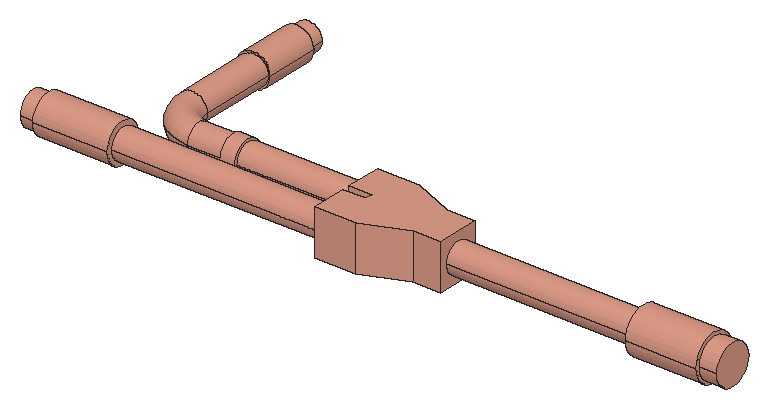
Revit family "outputfile", category 配管付属品, Revit 2024
Family settings
  丸型コネクタ寸法 = 半径を使用
  パーツ タイプ = 標準
  OmniClass 番号 = 23.65.55.00
  OmniClass タイトル = Distribution of Supplied Liquids/Gases
  作業面ベース = いいえ
  常に垂直 = はい
  ロード時にボイドで切り取り = いいえ
  共有 = いいえ
Parameters (values of type "BHFP26R168_(1)")
  Description = ""
  製造元 = "Daikin"
  書き出し IFC クラス(タイプ) = "IfcPipeFittingType"
  Default Elevation = 0.0 mm
  定義済み IFC タイプ(タイプ) = "JUNCTION"
  Cost = 0
  モデル = "BHFP26R168_(1)"
  Type Comments = ""
  Keynote = ""
  Type Image = (empty or 0)
  Assembly Code = ""
  table_PipeToCU_B [instance] = if(mm⇔inch, "Multi Module Kit_BHFP26R-_Liquid_PipeToCU_B", "Multi Module Kit_BHFP26R-_Liquid_PipeToCU_B_inch")  # "Multi Module Kit_BHFP26R-_Liquid_PipeToCU_B"
  table_PipeToCU_A [instance] = if(mm⇔inch, "Multi Module Kit_BHFP26R-_Liquid_PipeToCU_A", "Multi Module Kit_BHFP26R-_Liquid_PipeToCU_A_inch")  # "Multi Module Kit_BHFP26R-_Liquid_PipeToCU_A"
  table_ToMainPipe [instance] = if(mm⇔inch, "Multi Module Kit_BHFP26R-_Liquid_ToMainPipe", "Multi Module Kit_BHFP26R-_Liquid_ToMainPipe_inch")  # "Multi Module Kit_BHFP26R-_Liquid_ToMainPipe"
  switch_ToMainPipe3 [instance] = if(number_ToMainPipe < 3, 1 = 0, 1 = 1)  # no
  switch_PipeToCU_B Reducer [instance] = if(and(Is_PipeToCU_B Reducer = 1, judge_IsOffsetPipe_ToOutdoorUnitB = 0), 1 = 1, 1 = 0)  # no
  switch_PipeToCU_B4 [instance] = if(number_PipeToCU_B < 4, 1 = 0, 1 = 1)  # no
  switch_PipeToCU_B3 [instance] = if(number_PipeToCU_B < 3, 1 = 0, 1 = 1)  # no
  switch_PipeToCU_B2 [instance] = if(number_PipeToCU_B < 2, 1 = 0, 1 = 1)  # yes
  switch_PipeToCU_A Reducer [instance] = if(Is_PipeToCU_A Reducer = 1, 1 = 1, 1 = 0)  # yes
  switch_ToMainPipe Reducer [instance] = if(Is_ToMainPipe Reducer = 1, 1 = 1, 1 = 0)  # no
  switch_ToMainPipe2 [instance] = if(number_ToMainPipe < 2, 1 = 0, 1 = 1)  # yes
  r_PipeToCU_B_ActualDiameter [instance] = PipeToCU_B_Liquid_ActualDiameter / 2  # 7.95 mm
  r_PipeToCU_A_ActualDiameter [instance] = PipeToCU_A_Liquid_ActualDiameter / 2  # 6.35 mm
  r_ToMainPipe_ActualDiameter [instance] = ToMainPipe_Liquid_ActualDiameter / 2  # 9.55 mm
  number_PipeToCU_B ReducerPipe [instance] = size_lookup(table_PipeToCU_B, "reducerPipeNumber", 0, モデル, judge_IsOffsetPipe_ToOutdoorUnitB, PipeToCU_B_Liquid_ActualDiameter)  # 0
  number_PipeToCU_B [instance] = size_lookup(table_PipeToCU_B, "pipeNumber", 2, モデル, judge_IsOffsetPipe_ToOutdoorUnitB, PipeToCU_B_Liquid_ActualDiameter)  # 2
  number_PipeToCU_A ReducerPipe [instance] = size_lookup(table_PipeToCU_A, "reducerPipeNumber", 2, モデル, PipeToCU_A_Liquid_ActualDiameter)  # 2
  number_ToMainPipe [instance] = size_lookup(table_ToMainPipe, "pipeNumber", 3, モデル, ToMainPipe_Liquid_ActualDiameter)  # 2
  mm⇔inch [instance] = yes
  l_ToMainPipe3 [instance] = size_lookup(table_ToMainPipe, "L_Pipe3", 8.0 mm, モデル)  # 2.0 mm
  judge_IsOffsetPipe_ToOutdoorUnitB [instance] = 0  # constant formula
  Unit Type = "BHFP26R-_Liquid"
  Uniclass2015Version = "Products v1.31"
  Uniclass2015Title = "Copper pipe fittings"
  Uniclass2015Code = "Pr_65_52_63_18"
  URL = ""
  ToMainPipe_Liquid_Status [instance] = size_lookup(table_ToMainPipe, "Information", "The connected pipe size is not available.", モデル, ToMainPipe_Liquid_ActualDiameter)  # "Default connector size is used."
  ToMainPipe_Liquid_ActualDiameter [instance] = 19.1 mm
  Tag No. [instance] = ""
  Series = "Multi Module kit"
  PipeToCU_B_Liquid_Status [instance] = size_lookup(table_PipeToCU_B, "Information", "The connected pipe size is not available.", モデル, judge_IsOffsetPipe_ToOutdoorUnitB, PipeToCU_B_Liquid_ActualDiameter)  # "Default connector size is used."
  PipeToCU_B_Liquid_ActualDiameter [instance] = 15.9 mm
  PipeToCU_A_Liquid_Status [instance] = size_lookup(table_PipeToCU_A, "Information", "The connected pipe size is not available.", モデル, PipeToCU_A_Liquid_ActualDiameter)  # "Reducer is used at connector."
  PipeToCU_A_Liquid_ActualDiameter [instance] = 12.7 mm
  Material_Piping = DAIKIN_Copper_Pipe
  Material_Insulation = DAIKIN_White_Insulation
  location_PipeToCU_A connector [instance] = size_lookup(table_PipeToCU_A, "Locationconnector", 107.0 mm, モデル, PipeToCU_A_Liquid_ActualDiameter)  # 107.0 mm
  l_PipeToCU_B connector [instance] = size_lookup(table_PipeToCU_B, "Length", 161.0 mm, モデル, judge_IsOffsetPipe_ToOutdoorUnitB, PipeToCU_B_Liquid_ActualDiameter)  # 159.0 mm
  l_PipeToCU_B Reducer [instance] = 100.0 mm  # constant formula
  l_PipeToCU_B4 [instance] = size_lookup(table_PipeToCU_B, "L_Pipe4", 2.0 mm, モデル)  # 2.0 mm
  l_PipeToCU_B3 [instance] = size_lookup(table_PipeToCU_B, "L_Pipe3", 2.0 mm, モデル)  # 2.0 mm
  l_PipeToCU_B2 [instance] = size_lookup(table_PipeToCU_B, "L_Pipe2", 8.0 mm, モデル)  # 8.0 mm
  l_PipeToCU_B1 [instance] = size_lookup(table_PipeToCU_B, "L_Pipe1", 38.5 mm, モデル)  # 40.0 mm
  l_PipeToCU_B0 [instance] = size_lookup(table_PipeToCU_B, "L_Pipe0", 114.5 mm, モデル)  # 111.0 mm
  l_PipeToCU_A connector [instance] = size_lookup(table_PipeToCU_A, "Length", 97.0 mm, モデル, PipeToCU_A_Liquid_ActualDiameter)  # 97.0 mm
  l_PipeToCU_A1 [instance] = size_lookup(table_PipeToCU_A, "L_Pipe1", 8.0 mm, モデル)  # 8.0 mm
  l_PipeToCU_A0 [instance] = size_lookup(table_PipeToCU_A, "L_Pipe0", 62.0 mm, モデル)  # 62.0 mm
  l_ToMainPipe connector [instance] = size_lookup(table_ToMainPipe, "Length", 163.0 mm, モデル, ToMainPipe_Liquid_ActualDiameter)  # 148.0 mm
  l_ToMainPipe Reducer [instance] = size_lookup(table_ToMainPipe, "L_Reducer", 2.0 mm, モデル, ToMainPipe_Liquid_ActualDiameter)  # 2.0 mm
  l_ToMainPipe2 [instance] = size_lookup(table_ToMainPipe, "L_Pipe2", 38.0 mm, モデル)  # 10.0 mm
  l_ToMainPipe1 [instance] = size_lookup(table_ToMainPipe, "L_Pipe1", 38.0 mm, モデル)  # 38.0 mm
  l_ToMainPipe0 [instance] = size_lookup(table_ToMainPipe, "L_Pipe0", 79.0 mm, モデル)  # 100.0 mm
  judge_JointType(1or2) = 1
  count_PipeToCU_B Reducer [instance] = 0  # constant formula
  count_PipeToCU_A Reducer [instance] = size_lookup(table_PipeToCU_A, "reducerCount", 1, モデル, PipeToCU_A_Liquid_ActualDiameter)  # 1
  angle_PipeToCU_A Pipe [instance] = if(RotateBranchPipetoCU_A_90°, 90.00°, 0.00°)  # 0.00°
  angle_PipeToCU_A Connector [instance] = angle_PipeToCU_A Pipe + 90.00°  # 90.00°
  PipeToCU_B_Liquid_AvailableDiameter [instance] = size_lookup(table_PipeToCU_B, "sizeVariation", "", モデル, judge_IsOffsetPipe_ToOutdoorUnitB)  # "15.9/19.1mm"
  PipeToCU_A_Liquid_AvailableDiameter [instance] = size_lookup(table_PipeToCU_A, "sizeVariation", "", モデル)  # "12.7/15.9mm"
  ToMainPipe_Liquid_AvailableDiameter [instance] = size_lookup(table_ToMainPipe, "sizeVariation", "", モデル)  # "19.1/22.2mm"
  RotateBranchPipetoCU_A_90° [instance] = no
  O.D_ToMainPipe Reducer [instance] = size_lookup(table_ToMainPipe, "O.D_reducer", 2.0 mm, モデル, ToMainPipe_Liquid_ActualDiameter)  # 2.0 mm
  Link_Nested Family [instance] = ""
  Is_PipeToCU_B Reducer [instance] = size_lookup(table_PipeToCU_B, "IsReducer", 0, モデル, judge_IsOffsetPipe_ToOutdoorUnitB, PipeToCU_B_Liquid_ActualDiameter)  # 0
  Is_PipeToCU_A Reducer [instance] = size_lookup(table_PipeToCU_A, "IsReducer", 1, モデル, PipeToCU_A_Liquid_ActualDiameter)  # 1
  Is_ToMainPipe Reducer [instance] = size_lookup(table_ToMainPipe, "IsReducer", 0, モデル, ToMainPipe_Liquid_ActualDiameter)  # 0
  IfcVersion = ""
  IfcExportType = "JUNCTION"
  IfcExportAs = "IfcPipeFittingType"
  I.D_ToMainPipe3 [instance] = size_lookup(table_ToMainPipe, "I.D_PipeSize3", 15.9 mm, モデル)  # 2.0 mm
  Attach_Insulation [instance] = no
  I.D_PipeToCU_B4 [instance] = size_lookup(table_PipeToCU_B, "I.D_PipeSize4", 2.0 mm, モデル)  # 2.0 mm
  I.D_PipeToCU_B3 [instance] = size_lookup(table_PipeToCU_B, "I.D_PipeSize3", 2.0 mm, モデル)  # 2.0 mm
  I.D_PipeToCU_B2 [instance] = size_lookup(table_PipeToCU_B, "I.D_PipeSize2", 12.7 mm, モデル)  # 15.9 mm
  I.D_PipeToCU_B1 [instance] = size_lookup(table_PipeToCU_B, "I.D_PipeSize1", 15.9 mm, モデル)  # 19.1 mm
  I.D_PipeToCU_B0 [instance] = size_lookup(table_PipeToCU_B, "I.D_PipeSize0", 13.9 mm, モデル)  # 13.9 mm
  I.D_PipeToCU_A1 [instance] = 15.5 mm  # constant formula
  I.D_PipeToCU_A0 [instance] = 13.9 mm  # constant formula
  I.D_ToMainPipe Reducer [instance] = size_lookup(table_ToMainPipe, "I.D_reducer", 2.0 mm, モデル, ToMainPipe_Liquid_ActualDiameter)  # 2.0 mm
  I.D_ToMainPipe2 [instance] = size_lookup(table_ToMainPipe, "I.D_PipeSize2", 19.1 mm, モデル)  # 19.1 mm
  I.D_ToMainPipe1 [instance] = size_lookup(table_ToMainPipe, "I.D_PipeSize1", 22.2 mm, モデル)  # 22.2 mm
  I.D_ToMainPipe0 [instance] = size_lookup(table_ToMainPipe, "I.D_PipeSize0", 13.9 mm, モデル)  # 13.9 mm
Reference planes
  plane 1 "Center (Front/Back)": y = 0
  plane 2: z = 0
  plane 3 "pipe2": x = 225.65
  plane 4: x = 215.65
  plane 5: x = 177.65
  plane 6: x = 77.65
  plane 7: x = 17.65
  plane 8: x = -52.35
  plane 9: x = -93.35
  plane 10: x = -133.35
  plane 11: x = -141.35
  plane 12: x = -143.35
  plane 13: x = -145.35
  plane 14 "offset_center": y = 11.5
  plane 15: y = -11.5
  plane 16: x = -44.35
  plane 17: x = 127.65
  plane 18 "ToMainPipe_connector": x = 225.65
  plane 19 "connector_OutdoorunitA": x = -89.35
  plane 20 "connector_ToOutdoorUnitB": x = -104.35
  plane 21 "pipe3": x = 227.65
Forms (mm)
  Extrusion 1, solid, material "DAIKIN_Copper_Pipe" <- "Material_Piping"
    sketch origin (0, 0, 0) x (1, 0, 0) y (0, 1, 0)
      loop
        line (17.65, 1.998) -> (29.65, 1.998) -> (29.65, -1.998) -> (17.65, -1.998) -> (17.65, -21.2) -> (39.801, -21.2) -> (62.65, -11.3) -> (77.65, -11.3) -> (77.65, 11.3) -> (62.65, 11.3) -> (39.801, 21.2) -> (17.65, 21.2) -> (17.65, 1.998)
    from -12.2 to 12.2
Dimensions and locks
  locked: plane 6 to plane 17 at 50
  "l_PipeToCU_A1": plane 8 to plane 16
  "l_PipeToCU_B1": plane 10 to plane 9
  "l_PipeToCU_B2": plane 11 to plane 10
  "l_PipeToCU_B3": plane 12 to plane 11
  "l_PipeToCU_B4": plane 13 to plane 12
  locked: plane 7 to plane 6 at 60
  "l_ToMainPipe1": plane 5 to plane 4
  "l_ToMainPipe2": plane 4 to plane 3 "pipe2"
  "l_ToMainPipe0": plane 6 to plane 5
  "l_ToMainPipe connector": plane 6 to plane 18 "ToMainPipe_connector"
  plane 14 "offset_center" to plane 1 "Center (Front/Back)" to plane 15 = 11.5 mm locked, 11.5 mm locked
  locked: plane 1 "Center (Front/Back)" to Extrusion 1 sketch curve at 11.3  (x2)
  locked: Extrusion 1 sketch curve to plane 1 "Center (Front/Back)" at 21.2
  locked: plane 1 "Center (Front/Back)" to Extrusion 1 sketch curve at 21.2
  "l_PipeToCU_A0": plane 16 to plane 7
  "location_PipeToCU_A connector": plane 19 "connector_OutdoorunitA" to plane 7
  "l_PipeToCU_B0": plane 9 to plane 7
  "l_ToMainPipe3": plane 3 "pipe2" to plane 21 "pipe3"
  aligned and locked: level to plane 2
  aligned and locked: plane 2 to nested 1
  aligned and locked: plane 1 "Center (Front/Back)" to nested 1
  aligned and locked: plane 3 "pipe2" to nested 1
  aligned and locked: plane 4 to nested 1
  aligned and locked: plane 4 to nested 2
  aligned and locked: plane 5 to nested 2
  aligned and locked: plane 5 to nested 3
  aligned and locked: plane 6 to nested 3
  aligned and locked: plane 6 to Extrusion 1
  aligned and locked: Extrusion 1 to plane 7  (x2)
  aligned and locked: plane 7 to nested 4
  aligned and locked: plane 8 to nested 5
  aligned and locked: plane 16 to nested 5
  aligned and locked: nested 5 to plane 14 "offset_center"
  aligned and locked: nested 6 to plane 15
  aligned and locked: plane 7 to nested 6
  aligned and locked: plane 9 to nested 6
  aligned and locked: plane 10 to nested 7
  aligned and locked: plane 9 to nested 7
  aligned and locked: plane 11 to nested 8
  aligned and locked: plane 10 to nested 8
  aligned and locked: plane 12 to nested 9
  aligned and locked: plane 11 to nested 9
  aligned and locked: plane 13 to nested 10
  aligned and locked: plane 12 to nested 10
  aligned and locked: nested 10 to plane 15
  aligned and locked: nested 9 to plane 15
  aligned and locked: nested 8 to plane 15
  aligned and locked: nested 7 to plane 15
  aligned and locked: plane 1 "Center (Front/Back)" to nested 11
  aligned and locked: plane 17 to nested 11
  aligned and locked: plane 16 to nested 4
  aligned and locked: nested 12 to plane 14 "offset_center"
  aligned and locked: plane 8 to nested 12
  aligned and locked: plane 1 "Center (Front/Back)" to nested 13
  aligned and locked: plane 18 "ToMainPipe_connector" to nested 13
  aligned and locked: plane 6 to nested 14
  aligned and locked: plane 1 "Center (Front/Back)" to nested 3
  aligned and locked: plane 14 "offset_center" to nested 15
  aligned and locked: nested 15 to plane 19 "connector_OutdoorunitA"
  aligned and locked: nested 16 to plane 7
  aligned and locked: nested 4 to plane 14 "offset_center"
  aligned and locked: plane 3 "pipe2" to nested 17
  aligned and locked: plane 21 "pipe3" to nested 17
  aligned and locked: nested 16 to plane 15
Automatic sketch dimensions
  Extrusion 1 sketch curve to plane 7 = 0.0 mm  (x2)
  Extrusion 1 sketch curve to plane 6 = 0.0 mm
  Extrusion 1 sketch curve to plane 1 "Center (Front/Back)" = 1.998 mm
  plane 7 to Extrusion 1 sketch curve = 12.0 mm
  Extrusion 1 sketch curve to Extrusion 1 sketch curve = 10.151 mm  (x2)
  Extrusion 1 sketch curve to Extrusion 1 sketch curve = 15.0 mm  (x2)
  plane 1 "Center (Front/Back)" to Extrusion 1 sketch curve = 1.998 mm
Nested families
  nested 1: "daikin_Pipe" at (220.65, 0, 0), I.D_Pipe <- "I.D_ToMainPipe2", display <- "switch_ToMainPipe2", type "*"
    with length_Pipe 10.0 mm, display yes, O.D_Pipe 21.1 mm, I.D_Pipe 19.1 mm
  nested 2: "daikin_Pipe" at (196.65, 0, 0), I.D_Pipe <- "I.D_ToMainPipe1", type "*"
    with length_Pipe 38.0 mm, display yes, O.D_Pipe 24.2 mm, I.D_Pipe 22.2 mm
  nested 3: "daikin_Pipe" at (127.65, 0, 0), I.D_Pipe <- "I.D_ToMainPipe0", type "*"
    with length_Pipe 100.0 mm, display yes, O.D_Pipe 15.9 mm, I.D_Pipe 13.9 mm
  nested 4: "daikin_Pipe" at (-13.35, 11.5, 0), I.D_Pipe <- "I.D_PipeToCU_A0", type "*"
    with length_Pipe 62.0 mm, display yes, O.D_Pipe 15.9 mm, I.D_Pipe 13.9 mm
  nested 5: "daikin_Pipe" at (-48.35, 11.5, 0), I.D_Pipe <- "I.D_PipeToCU_A1", type "*"
    with length_Pipe 8.0 mm, display yes, O.D_Pipe 17.5 mm, I.D_Pipe 15.5 mm
  nested 6: "daikin_Pipe" at (-37.85, -11.5, 0), I.D_Pipe <- "I.D_PipeToCU_B0", type "*"
    with length_Pipe 111.0 mm, display yes, O.D_Pipe 15.9 mm, I.D_Pipe 13.9 mm
  nested 7: "daikin_Pipe" at (-113.35, -11.5, 0), I.D_Pipe <- "I.D_PipeToCU_B1", type "*"
    with length_Pipe 40.0 mm, display yes, O.D_Pipe 21.1 mm, I.D_Pipe 19.1 mm
  nested 8: "daikin_Pipe" at (-137.35, -11.5, 0), I.D_Pipe <- "I.D_PipeToCU_B2", display <- "switch_PipeToCU_B2", type "*"
    with length_Pipe 8.0 mm, display yes, O.D_Pipe 17.9 mm, I.D_Pipe 15.9 mm
  nested 9: "daikin_Pipe" at (-142.35, -11.5, 0), display <- "switch_PipeToCU_B3", I.D_Pipe <- "I.D_PipeToCU_B3", visible <- "switch_PipeToCU_B3", type "*"
    with length_Pipe 2.0 mm, display no, O.D_Pipe 4.0 mm, I.D_Pipe 2.0 mm
  nested 10: "daikin_Pipe" at (-144.35, -11.5, 0), display <- "switch_PipeToCU_B4", I.D_Pipe <- "I.D_PipeToCU_B4", visible <- "switch_PipeToCU_B4", type "*"
    with length_Pipe 2.0 mm, display no, O.D_Pipe 4.0 mm, I.D_Pipe 2.0 mm
  nested 11: "daikin_MultiModeluKit_Insulation" at (127.65, 0, 0), display <- "Attach_Insulation", type "*"
    with h 54.2 mm, display no, I.D_Outlet PipeSize 22.2 mm
  nested 12: "daikin_Multi Module kit_Reducer90_rotate" at (-52.35, 11.5, 0), number_reducerPipe <- "number_PipeToCU_A ReducerPipe", angle_Pipe <- "angle_PipeToCU_A Pipe", type "*"
    with number_reducerPipe 2, display_Pipe2 yes, display_Pipe1 yes, angle_Pipe 0.00°
  nested 13: "daikin_Pipe_reducer" at (224.65, 0, 0), I.D_Pipe1 <- "I.D_ToMainPipe Reducer", O.D_Pipe2 <- "O.D_ToMainPipe Reducer", length_Pipe <- "l_ToMainPipe Reducer", display <- "switch_ToMainPipe Reducer", type "*"
    with length_Pipe 2.0 mm, display no, O.D_Pipe2 2.0 mm, O.D_Pipe1 4.0 mm, I.D_Pipe2 0.0 mm, I.D_Pipe1 2.0 mm
  nested 14: "daikin_connector_rotate3" at (77.65, 0, 0) x (0, 1, 0) z (0, 0, 1), length <- "l_ToMainPipe connector", type "daikin_connector_rotate3"
    with radius 10.0 mm, length 148.0 mm, angle_vertical 90.00°, angle_horizontal 0.00°
  nested 15: "daikin_connector_rotate3" at (-89.35, 11.5, 0) x (-1, 0, 0) z (0, 0, 1), length <- "l_PipeToCU_A connector", angle_vertical <- "angle_PipeToCU_A Connector", type "daikin_connector_rotate3"
    with radius 10.0 mm, length 97.0 mm, angle_vertical 90.00°, angle_horizontal 0.00°
  nested 16: "daikin_connector_rotate3" at (17.65, -11.5, 0) x (0, -1, 0) z (0, 0, 1), length <- "l_PipeToCU_B connector", type "daikin_connector_rotate3"
    with radius 10.0 mm, length 159.0 mm, angle_vertical 90.00°, angle_horizontal 0.00°
  nested 17: "daikin_Pipe" at (226.65, 0, 0), display <- "switch_ToMainPipe3", I.D_Pipe <- "I.D_ToMainPipe3", type "*"
    with length_Pipe 2.0 mm, display no, O.D_Pipe 4.0 mm, I.D_Pipe 2.0 mm
Connectors
  piping at (225.65, 0, 0), diameter 19.1, driven by "r_ToMainPipe_ActualDiameter"
    settings: on nested 14, index 1, connector inside diameter 609.6 mm, connector length 0.0 mm, flow factor 0, pipe flow 0.00 m³/h, pressure drop 0.0 Pa, fitting loss kfactor 0, connector angle 0.00°, fixture units 0, engagement length 0.0 mm, angle of deflection 0.00°, flow configuration 0, flow direction 2, fitting loss method 0, system type 29, joint type 0, gender type 0, connector reference index -1, connector utility 0, adjustable connector no, is connector primary yes, connector description "Multi Module kit_to Main Pipe_Liquid"
  piping at (-89.35, 108.5, 0), diameter 12.7, driven by "r_PipeToCU_A_ActualDiameter"
    settings: on nested 15, index 2, connector inside diameter 609.6 mm, connector length 0.0 mm, flow factor 0, pipe flow 0.00 m³/h, pressure drop 0.0 Pa, fitting loss kfactor 0, connector angle 0.00°, fixture units 0, engagement length 0.0 mm, angle of deflection 0.00°, flow configuration 0, flow direction 1, fitting loss method 0, system type 29, joint type 0, gender type 0, connector reference index -1, connector utility 0, adjustable connector no, is connector primary no, connector description "Multi Module kit_Piping to CU-A_Liquid"
  piping at (-141.35, -11.5, 0), diameter 15.9, driven by "r_PipeToCU_B_ActualDiameter"
    settings: on nested 16, index 3, connector inside diameter 609.6 mm, connector length 0.0 mm, flow factor 0, pipe flow 0.00 m³/h, pressure drop 0.0 Pa, fitting loss kfactor 0, connector angle 0.00°, fixture units 0, engagement length 0.0 mm, angle of deflection 0.00°, flow configuration 0, flow direction 1, fitting loss method 0, system type 29, joint type 0, gender type 0, connector reference index -1, connector utility 0, adjustable connector no, is connector primary no, connector description "Multi Module kit_Piping to CU-B_Liquid"
Definition of nested family "daikin_Pipe"
  Parameters (values of type "*")
    Default Elevation = 0.0 mm
    material = none
    length_Pipe [instance] = 150.0 mm
    display [instance] = yes
    O.D_Pipe [instance] = I.D_Pipe + 2.0 mm  # 27.0 mm
    I.D_Pipe [instance] = 25.0 mm
  Reference planes
    plane 1 "Center (Front/Back)": y = 0
    plane 2 "center(vertical)": z = 0
    plane 3 "Center (Left/Right)": x = 0
    plane 4 "left": x = -75
    plane 5 "right": x = 75
  Forms (mm)
    Extrusion 1, solid, material <- "material", visible <- "display"
      sketch origin (0, 0, 0) x (0, 1, 0) y (0, 0, 1)
        loop
          circle (0, 0) r 13.5
      from -75 to 75
  Dimensions and locks
    equal spacing: plane 4 "left", plane 3 "Center (Left/Right)", plane 5 "right"
    "length_Pipe": plane 4 "left" to plane 5 "right"
    "O.D_Pipe": diameter of Extrusion 1 sketch curve
    aligned and locked: level to plane 2 "center(vertical)"
    aligned and locked: plane 2 "center(vertical)" to Extrusion 1 sketch curve
    aligned and locked: plane 1 "Center (Front/Back)" to Extrusion 1 sketch curve
    aligned and locked: plane 5 "right" to Extrusion 1
    aligned and locked: Extrusion 1 to plane 4 "left"
Definition of nested family "daikin_Multi Module kit_Reducer90_rotate"
  Parameters (values of type "*")
    Default Elevation = 0.0 mm
    number_reducerPipe [instance] = 4
    material_Pipe = none
    display_Pipe2 [instance] = if(number_reducerPipe < 2, 1 = 0, 1 = 1)  # yes
    display_Pipe1 [instance] = if(number_reducerPipe < 1, 1 = 0, 1 = 1)  # yes
    angle_Pipe [instance] = 30.00°
  Reference planes
    plane 1 "Center (Front/Back)": y = 0
    plane 2: z = 0
    plane 3 "Center (Left/Right)": x = 0
  Dimensions and locks
    "angle_Pipe": angle plane 2 to nested 1
    aligned and locked: level to plane 2
  Nested families
    nested 1: "daikin_Multi Module kit_Reducer90" at (0, 0, 0) x (1, 0, 0) z (0, -0.5, 0.866), display_Pipe2 <- "display_Pipe2", display_Pipe1 <- "display_Pipe1", type "*"
      with display_Pipe2 yes, display_Pipe1 yes, I.D_connector 34.9 mm
  Definition of nested family "daikin_Multi Module kit_Reducer90"
    Parameters (values of type "*")
      Default Elevation = 0.0 mm
      material_Pipe = none
      display_Pipe2 [instance] = yes
      display_Pipe1 [instance] = yes
      O.D_Pipe2 = 12.7 mm + 2.0 mm  # 14.7 mm
      O.D_Pipe1 = 15.9 mm + 2.0 mm  # 17.9 mm
      O.D_Pipe0 = 15.9 mm  # constant formula
      I.D_connector [instance] = 0.0 mm
    Reference planes
      plane 1 "Center (Front/Back)": y = 0
      plane 2 "center_vertical": z = 0
      plane 3 "Center (Left/Right)": x = 0
      plane 4 "center_toOutdoor": x = -37
      plane 5: y = 60
      plane 6: y = 89
      plane 7: y = 97
    Forms (mm)
      Sweep 1, solid, material <- "material_Pipe"
        path origin (0, 0, 0) x (1, 0, 0) y (0, 1, 0)
          loop
            line (0, 0) -> (-18.241, 0)
            arc (-18.241, 0) -> (-31.506, 5.494) -> (-37, 18.759) r 18.759
            line (-37, 18.759) -> (-37, 60)
        profile origin (-9.12, 0, 0) x (0, -1, 0) y (0, 0, 1)
          loop
            circle (0, 0) r 7.95
      Extrusion 2, solid, material <- "material_Pipe", visible <- "display_Pipe1"
        sketch origin (0, 0, 0) x (1, 0, 0) y (0, 0, 1)
          loop
            circle (-37, 0) r 8.95
        from -89 to -60
      Extrusion 3, solid, material <- "material_Pipe", visible <- "display_Pipe2"
        sketch origin (75, -2.05, 0) x (1, 0, 0) y (0, 0, 1)
          loop
            circle (-112, 0) r 7.35
        from -99.05 to -91.05
    Lines and regions (mm)
      reference lines
        curve 1: line (0, 0, 0) -> (-37, 0, 0)
    Dimensions and locks
      locked: plane 1 "Center (Front/Back)" to plane 5 at 60
      locked: plane 6 to plane 5 at 29
      locked: plane 7 to plane 6 at 8
      plane 4 "center_toOutdoor" to plane 3 "Center (Left/Right)" = 37.0 mm
      "O.D_Pipe2": diameter of Extrusion 3 sketch curve
      "O.D_Pipe0": diameter of Sweep 1 sketch curve
      "O.D_Pipe1": diameter of Extrusion 2 sketch curve
      aligned and locked: level to plane 2 "center_vertical"
      aligned and locked: plane 6 to Extrusion 2
      aligned and locked: Extrusion 2 to plane 5
      aligned and locked: Extrusion 3 to plane 6
      aligned and locked: Sweep 1 sketch curve to plane 1 "Center (Front/Back)"
      aligned and locked: plane 3 "Center (Left/Right)" to curve 1
      aligned and locked: curve 1 to plane 1 "Center (Front/Back)"
      aligned and locked: plane 7 to Extrusion 3
    Automatic sketch dimensions
      Sweep 1 sketch curve to plane 4 "center_toOutdoor" = 0.0 mm
      Sweep 1 sketch curve to plane 3 "Center (Left/Right)" = 0.0 mm
      Sweep 1 sketch curve to plane 5 = 0.0 mm
      Sweep 1 sketch curve to plane 3 "Center (Left/Right)" = 18.241 mm
      curve 1 to plane 4 "center_toOutdoor" = 0.0 mm
      Sweep 1 sketch curve to level = 0.0 mm
      Sweep 1 sketch curve to profile plane = 0.0 mm
      Extrusion 2 sketch curve to level = 0.0 mm
      Extrusion 2 sketch curve to plane 4 "center_toOutdoor" = 0.0 mm
      Extrusion 3 sketch curve to level = 0.0 mm
      Extrusion 3 sketch curve to plane 4 "center_toOutdoor" = 0.0 mm
Definition of nested family "daikin_MultiModeluKit_Insulation"
  Parameters (values of type "*")
    Default Elevation = 0.0 mm
    Model = ""
    material = none
    h [instance] = (I.D_Outlet PipeSize + 2.0 mm) + 30.0 mm  # 47.0 mm
    display [instance] = yes
    I.D_Outlet PipeSize [instance] = 15.0 mm
  Reference planes
    plane 1 "Center (Front/Back)": y = 0
    plane 2: z = 0
    plane 3 "Left": x = 0
    plane 4 "top": z = 23.5
    plane 5 "bottom": z = -23.5
  Forms (mm)
    Extrusion 1, solid, material <- "material", visible <- "display"
      sketch origin (0, 0, 0) x (1, 0, 0) y (0, 1, 0)
        loop
          line (0, -22.3) -> (0, 22.3) -> (-101, 45.79) -> (-187, 45.79) -> (-187, 6.128) -> (-257, 10) -> (-257, -45.79) -> (-101, -45.79) -> (0, -22.3)
      from -23.5 to 23.5
  Dimensions and locks
    equal spacing: plane 4 "top", plane 2, plane 5 "bottom"
    "h": plane 4 "top" to plane 5 "bottom"
    equal spacing: Extrusion 1 sketch curve, plane 1 "Center (Front/Back)", Extrusion 1 sketch curve
    locked: Extrusion 1 sketch curve to plane 3 "Left" at 101  (x2)
    locked: Extrusion 1 sketch curve to plane 3 "Left" at 187
    locked: Extrusion 1 sketch curve to plane 3 "Left" at 257
    aligned and locked: level to plane 2
    aligned and locked: plane 3 "Left" to Extrusion 1
    aligned and locked: Extrusion 1 to plane 5 "bottom"
    aligned and locked: plane 4 "top" to Extrusion 1
  Automatic sketch dimensions
    Extrusion 1 sketch curve to plane 3 "Left" = 0.0 mm
    plane 1 "Center (Front/Back)" to Extrusion 1 sketch curve = 45.79 mm
    plane 1 "Center (Front/Back)" to Extrusion 1 sketch curve = 22.3 mm
    Extrusion 1 sketch curve to plane 1 "Center (Front/Back)" = 45.79 mm
    Extrusion 1 sketch curve to plane 1 "Center (Front/Back)" = 10.0 mm
    Extrusion 1 sketch curve to plane 1 "Center (Front/Back)" = 6.128 mm
Definition of nested family "daikin_Pipe_reducer"
  Parameters (values of type "*")
    Default Elevation = 0.0 mm
    material = none
    length_Pipe [instance] = 250.0 mm
    display [instance] = yes
    O.D_Pipe2 [instance] = 19.1 mm
    O.D_Pipe1 [instance] = I.D_Pipe1 + 2.0 mm  # 24.2 mm
    I.D_Pipe2 [instance] = O.D_Pipe2 - 2.0 mm  # 17.1 mm
    I.D_Pipe1 [instance] = 22.2 mm
  Reference planes
    plane 1 "Center (Front/Back)": y = 0
    plane 2 "center(vertical)": z = 0
    plane 3 "Center (Left/Right)": x = 0
    plane 4 "connection": x = -125
    plane 5 "right": x = 113
    plane 6: x = 125
  Forms (mm)
    Extrusion 1, solid, material <- "material", visible <- "display"
      sketch origin (0, 0, 0) x (0, 1, 0) y (0, 0, 1)
        loop
          circle (0, 0) r 9.55
      from -125 to 113
    Extrusion 2, solid, material <- "material", visible <- "display"
      sketch origin (0, 0, 0) x (0, 1, 0) y (0, 0, 1)
        loop
          circle (0, 0) r 12.1
      from 113 to 125
  Dimensions and locks
    locked: plane 5 "right" to plane 6 at 12
    "length_Pipe": plane 4 "connection" to plane 6
    equal spacing: plane 4 "connection", plane 3 "Center (Left/Right)", plane 6
    "O.D_Pipe2": diameter of Extrusion 1 sketch curve
    "O.D_Pipe1": diameter of Extrusion 2 sketch curve
    aligned and locked: level to plane 2 "center(vertical)"
    aligned and locked: plane 2 "center(vertical)" to Extrusion 1 sketch curve
    aligned and locked: plane 1 "Center (Front/Back)" to Extrusion 1 sketch curve
    aligned and locked: plane 5 "right" to Extrusion 1
    aligned and locked: Extrusion 1 to plane 4 "connection"
    aligned and locked: plane 2 "center(vertical)" to Extrusion 2 sketch curve
    aligned and locked: plane 1 "Center (Front/Back)" to Extrusion 2 sketch curve
    aligned and locked: Extrusion 2 to plane 5 "right"
    aligned and locked: plane 6 to Extrusion 2
Definition of nested family "daikin_connector_rotate3"
  Parameters (values of type "daikin_connector_rotate3")
    Default Elevation = 1219.2 mm
    show_face = no
    show_circle = no
    radius [instance] = 10.0 mm
    length [instance] = 600.0 mm
    angle_horizontal [instance] = 60.00°
    angle_vertical [instance] = 90.00°
  Reference planes
    plane 1 "Center (Front/Back)": y = 0
    plane 2: z = 0
    plane 3 "Center (Left/Right)": x = 0
  Dimensions and locks
    "angle_horizontal": angle plane 3 "Center (Left/Right)" to nested 1
    aligned and locked: level to plane 2
    aligned and locked: plane 1 "Center (Front/Back)" to nested 1  (x2)
    aligned and locked: plane 3 "Center (Left/Right)" to nested 1
  Nested families
    nested 1: "daikin_connector_rotate2" at (0, 0, 0) x (0.5, 0.866, 0) z (0, 0, 1), angle_vertical <- "angle_vertical", length <- "length", radius <- "radius", type "daikin_connector_rotate2"
      with radius 10.0 mm, length 600.0 mm, angle_vertical 90.00°, Default Elevation 0.0 mm, show_circle no
  Definition of nested family "daikin_connector_rotate2"
    Parameters (values of type "daikin_connector_rotate2")
      Default Elevation = 1219.2 mm
      show_face = no
      show_circle = yes
      radius [instance] = 10.0 mm
      length [instance] = 600.0 mm
      d_surface = 10.0 mm
      angle_vertical [instance] = 90.00°
    Reference planes
      plane 1 "Center (Front/Back)": y = 0
      plane 2: z = 0
      plane 3 "Center (Left/Right)": x = 0
    Forms (mm)
      Extrusion 1, solid, visible <- "show_face"
        sketch origin (0, -600, 0) x (1, 0, 0) y (0, 0, 1)
          loop
            circle (0, 0) r 10
        from 0 to -10
    Lines and regions (mm)
      reference lines
        curve 1: line (0, 0, 0) -> (0, -600, 0)
      symbolic lines, visible <- "show_circle"
        curve 2: circle (0, 0, 0) r 5 normal (0, 0, 1)
      model lines, visible <- "show_face"
        curve 3: line (0, 0, 0) -> (0, -600, 0)
    Dimensions and locks
      "length": curve 1 to curve 1
      "length": curve 3 to curve 3
      "d_surface": Extrusion 1 to Extrusion 1
      "radius": radius of Extrusion 1 sketch curve
      "angle_vertical": angle curve 1 to plane 1 "Center (Front/Back)"
      "angle_vertical": angle curve 3 to plane 1 "Center (Front/Back)"
      aligned and locked: level to plane 2
      aligned and locked: plane 1 "Center (Front/Back)" to curve 1
      aligned and locked: plane 2 to curve 1
      aligned and locked: plane 1 "Center (Front/Back)" to curve 2
      aligned and locked: plane 3 "Center (Left/Right)" to curve 2
      aligned and locked: plane 1 "Center (Front/Back)" to curve 3
      aligned and locked: plane 2 to curve 3
      aligned and locked: Extrusion 1 to Extrusion 1
    Automatic sketch dimensions
      Extrusion 1 sketch curve to level = 0.0 mm
      Extrusion 1 sketch curve to plane 3 "Center (Left/Right)" = 0.0 mm
      radius of curve 2 = 5.0 mm
